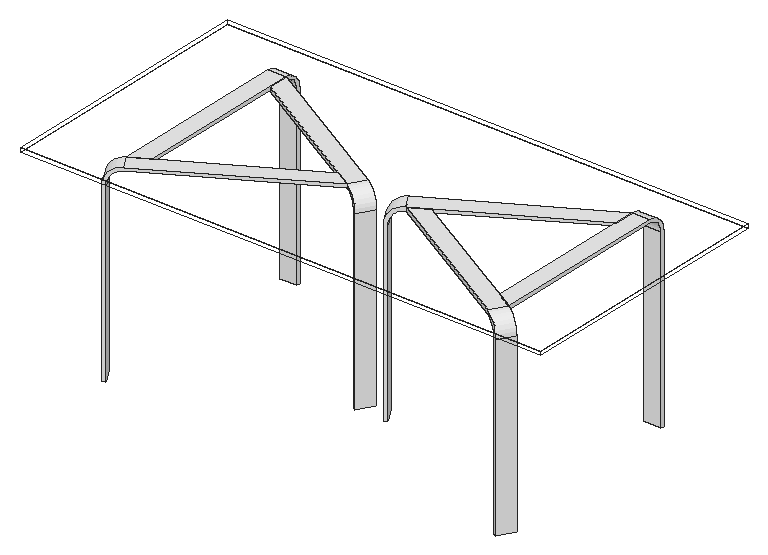
Revit family "Table-Coffee-Teknion-STTST_Spectrum-R2011", category Furniture, Revit 2013
Parameters (values of type "22 3/4" High")
  Width = 5' - 0"  # constant formula
  Warranty = "http://www.teknionstudio.com/pdfs/Teknion%20Studio%20Warranty.pdf"
  URL = "http://www.teknionstudio.com/"
  Surface and Edge Trim Finish [instance] = Glass - Teknion - G - Clear Flat Edge
  Series = "Teknion Studio"
  Salvage or Reuse = yes
  Product Page URL = "http://www.teknionstudio.com/spectrum_tables/#.UkReCD8QP-o"
  Product Line = "Spectrum"
  Product Documentation Link = "http://www.teknionstudio.com/pricing/STTST_ppg.pdf"
  Percentage of Recycled Content = 0
  Part Number = "STTST"
  Model = "STTSTE"
  Manufacturer Phone = "919-464-2920"
  Manufacturer Fax = "919-464-2927"
  Manufacturer Email = "mailto:customersupport@teknionstudio.com"
  Manufacturer Address = "3940 US 70 Business HWY West, Clayton, NC 27520"
  Manufacturer = "Teknion Studio"  # constant formula
  Low Emitting Material = yes
  Low Emitting Finish = yes
  Height = 1' - 10 3/4"
  Frame Finish [instance] = Metal - Teknion - C6 - Chrome
  Description = "Spectrum Rectangle Table, 22 3/4\" (58cm) High Height"
  Depth = 2' - 6"  # constant formula
  Assembly Code = "E2020200"
Types (3): name | URL | Model | Height | Description
  (no name) | "http://www.teknionstudio.com/" | "STTSTE" | 1' - 10 3/4" | "Spectrum Rectangle Table, 22 3/4\" (58cm) High Height"
  17 3/4" High | "www.teknionstudio.com" | "STTSTB" | 1' - 5.75004" | "Spectrum Rectangle Table, 17 3/4\" (45cm) Low Height"
  22 3/4" High | "http://www.teknionstudio.com/" | "STTSTE" | 1' - 10 3/4" | "Spectrum Rectangle Table, 22 3/4\" (58cm) High Height"
Reference planes (in)
  plane 1 "Center F/B": y = 0
  plane 2: z = 0
  plane 3 "Center L/R": x = 0
  plane 4 "Left": x = -30
  plane 5 "Right": x = 30
  plane 6 "Back": y = 15
  plane 7 "Front": y = -15
  plane 8 "Top": z = 22.75
  plane 9: z = 22.25
  plane 10: x = 20
  plane 11: x = -20
Forms (in)
  Extrusion 1, solid, material "Glass - Teknion - G - Clear Flat Edge" <- "Surface and Edge Trim Finish"
    sketch origin (0, 0, 0) x (1, 0, 0) y (0, 1, 0)
      loop
        line (30, 15) -> (-30, 15) -> (-30, -15) -> (30, -15) -> (30, 15)
    from 22.25 to 22.75
Lines and regions (in)
  Masking region 1
    outline origin (0, 0, 22.75) x (-1, 0, 0) y (0, -1, 0)
      loop
        line (30, -15) -> (30, 15) -> (-30, 15) -> (-30, -15) -> (30, -15)
  Masking region 2
    outline origin (0, 0, 0) x (1, 0, 0) y (0, 0, 1)
      loop
        line (-30, 22.75) -> (-30, 22.25) -> (30, 22.25) -> (30, 22.75) -> (-30, 22.75)
  Masking region 3
    outline origin (0, 0, 0) x (0, 1, 0) y (0, 0, 1)
      loop
        line (15, 22.25) -> (15, 22.75) -> (-15, 22.75) -> (-15, 22.25) -> (15, 22.25)
  symbolic lines, style "Hidden Lines", detail levels medium+fine
    curve 1: line (-22, -9.60866, 22.75) -> (-22, 12.76336, 22.75)
    curve 2: line (-22, 12.76336, 22.75) -> (-20, 12.76336, 22.75)
    curve 3: line (-20, 12.76336, 22.75) -> (-20, -8.45396, 22.75)
    curve 4: line (-5.35732, 0, 22.75) -> (-23.73178, -10.6085, 22.75)
    curve 5: line (-23.73178, -10.6085, 22.75) -> (-22.73178, -12.34055, 22.75)
    curve 6: line (-3.35732, -1.1547, 22.75) -> (-22.73178, -12.34055, 22.75)
    curve 7: line (-20, 10.76336, 22.75) -> (-0.62554, -0.42249, 22.75)
    curve 8: line (-0.62554, -0.42249, 22.75) -> (-1.62554, -2.15454, 22.75)
    curve 9: line (-1.62554, -2.15454, 22.75) -> (-20, 8.45396, 22.75)
    curve 10: line (22, -9.60866, 22.75) -> (22, 12.76336, 22.75)
    curve 11: line (22, 12.76336, 22.75) -> (20, 12.76336, 22.75)
    curve 12: line (20, 12.76336, 22.75) -> (20, -8.45396, 22.75)
    curve 13: line (5.35732, 0, 22.75) -> (23.73178, -10.6085, 22.75)
    curve 14: line (23.73178, -10.6085, 22.75) -> (22.73178, -12.34055, 22.75)
    curve 15: line (3.35732, -1.1547, 22.75) -> (22.73178, -12.34055, 22.75)
    curve 16: line (20, 10.76336, 22.75) -> (0.62554, -0.42249, 22.75)
    curve 17: line (0.62554, -0.42249, 22.75) -> (1.62554, -2.15454, 22.75)
    curve 18: line (1.62554, -2.15454, 22.75) -> (20, 8.45396, 22.75)
Dimensions and locks (in)
  "Height": plane 8 "Top" to level
  equal spacing: plane 4 "Left", plane 3 "Center L/R", plane 5 "Right"
  "Width": plane 4 "Left" to plane 5 "Right"
  equal spacing: plane 6 "Back", plane 1 "Center F/B", plane 7 "Front"
  "Depth": plane 6 "Back" to plane 7 "Front"
  locked: plane 8 "Top" to plane 9 at 0.5
  locked: plane 10 to plane 5 "Right" at 10
  locked: plane 4 "Left" to plane 11 at 10
  curve 10 to plane 1 "Center F/B" to curve 11 = 0' - 9.60866" locked, 1' - 0.76336" locked
  locked: plane 10 to curve 10 at 2
  plane 3 "Center L/R" to curve 15 to curve 15 = 0' - 3.35732" locked, 1' - 7.37446" locked
  locked: curve 15 to curve 13 at 2
  locked: curve 16 to curve 18 at 2
  locked: curve 7 to curve 9 at 2
  locked: curve 4 to curve 6 at 2
  locked: curve 1 to plane 11 at 2
  curve 1 to plane 1 "Center F/B" to curve 2 = 0' - 9.60866" locked, 1' - 0.76336" locked
  locked: curve 5 to curve 4 at 21.217
  locked: curve 9 to curve 8 at 21.217
  locked: curve 17 to curve 18 at 21.217
  aligned and locked: level to plane 2
  aligned and locked: Extrusion 1 to plane 9
  aligned and locked: plane 8 "Top" to Extrusion 1
  aligned and locked: Masking region 2 sketch curve to plane 8 "Top"
  aligned and locked: Masking region 2 sketch curve to plane 9
  aligned and locked: Masking region 2 sketch curve to plane 5 "Right"
  aligned and locked: Masking region 2 sketch curve to plane 4 "Left"
  aligned and locked: plane 6 "Back" to Masking region 3 sketch curve
  aligned and locked: plane 7 "Front" to Masking region 3 sketch curve
  aligned and locked: plane 8 "Top" to Masking region 3 sketch curve
  aligned and locked: plane 9 to Masking region 3 sketch curve
  aligned and locked: Masking region 1 sketch curve to plane 6 "Back"
  aligned and locked: Masking region 1 sketch curve to plane 7 "Front"
  aligned and locked: Masking region 1 sketch curve to plane 5 "Right"
  aligned and locked: Masking region 1 sketch curve to plane 4 "Left"
  aligned and locked: Extrusion 1 sketch curve to plane 5 "Right"
  aligned and locked: Extrusion 1 sketch curve to plane 4 "Left"
  aligned and locked: Extrusion 1 sketch curve to plane 6 "Back"
  aligned and locked: Extrusion 1 sketch curve to plane 7 "Front"
  aligned and locked: nested 1 to plane 1 "Center F/B"
  aligned and locked: plane 1 "Center F/B" to nested 2
  aligned and locked: nested 2 to plane 11
  aligned and locked: nested 1 to plane 10
  aligned and locked: curve 3 to plane 11
Automatic sketch dimensions
  plane 1 "Center F/B" to curve 4 = 0' - 0"
  plane 1 "Center F/B" to curve 7 = 0' - 0.42249"
  curve 7 to plane 3 "Center L/R" = 0' - 0.62554"
  curve 11 to plane 10 = 0' - 0"
  plane 1 "Center F/B" to curve 13 = 0' - 0"
  plane 3 "Center L/R" to curve 17 = 0' - 0.62554"
Nested families (in)
  nested 1: "Table-Dining-Teknion-Spectrum_Frame" at (15.11911, 0, 0) x (0, 1, 0) z (0, 0, 1), Frame Finish <- "Frame Finish", Height <- "Height", type "Standard"
    with Height 1' - 10 3/4", Frame Finish Metal - Teknion - C6 - Chrome
  nested 2: "Table-Dining-Teknion-Spectrum_Frame" at (-15.11911, 0, 0) x (0, 1, 0) z (0, 0, 1), Frame Finish <- "Frame Finish", Height <- "Height", type "Standard"
    with Height 1' - 10 3/4", Frame Finish Metal - Teknion - C6 - Chrome
Definition of nested family "Table-Dining-Teknion-Spectrum_Frame"
  Parameters (values of type "Frame")
    Unit Weight = 0.00 lbf
    Salvage or Reuse = yes
    Radio = 1' - 3"
    Product Page URL = ""
    Product Documentation Link = ""
    Percentage of Recycled Content = 0
    Manufacturer Phone = ""
    Manufacturer Fax = ""
    Manufacturer Email = ""
    Manufacturer Address = ""
    Low Emitting Material = yes
    Low Emitting Finish = yes
    Installation Type = ""
    Height [instance] = 1' - 10 3/4"
    Frame Finish [instance] = Metal - Teknion - C6 - Chrome
  Reference planes (in)
    plane 1 "Center F/B": y = 0
    plane 2: z = 0
    plane 3 "Center L/R": x = 0
    plane 4 "Top": z = 22.75
    plane 5 "Right Support": through (-1.1547, 11.76179, 48) normal (-0.866, -0.5, 0)
    plane 6 "Left Support": through (1.1547, 11.76179, 48) normal (-0.866, 0.5, 0)
    plane 7 "Front Support": y = -4.88089
    plane 8: z = 22.25
  Forms (in)
    Sweep 1, solid, material "Metal - Teknion - C6 - Chrome" <- "Frame Finish"
      path origin (0, -4.88089, 0) x (-1, 0, 0) y (0, 0, 1)
        loop
          line (-12.38836, 0) -> (-12.38836, 20.25)
          arc (-12.38836, 20.25) -> (-11.91241, 21.39905) -> (-10.76336, 21.875) r 1.625
          line (-10.76336, 21.875) -> (9.60866, 21.875)
      profile origin (12.38836, -4.88089, 10.125) x (0, 1, 0) y (-1, 0, 0)
        loop
          line (-2, -0.375) -> (0, -0.375) -> (0, 0) -> (-2, 0) -> (-2, -0.375)
    Sweep 2, solid, material "Metal - Teknion - C6 - Chrome" <- "Frame Finish"
      path origin (-4.22698, 2.44045, 0) x (-0.5, -0.866025, 0) y (0, 0, 1)
        loop
          line (12.37928, 0) -> (12.37928, 20.25)
          arc (12.37928, 20.25) -> (11.90333, 21.39905) -> (10.75428, 21.875) r 1.625
          line (10.75428, 21.875) -> (-9.61774, 21.875)
      profile origin (-10.41662, -8.28032, 10.125) x (0.866025, -0.5, 0) y (0.5, 0.866025, 0)
        loop
          line (-2, -0.375) -> (0, -0.375) -> (0, 0) -> (-2, 0) -> (-2, -0.375)
    Sweep 3, solid, material "Metal - Teknion - C6 - Chrome" <- "Frame Finish"
      path origin (4.22698, 2.44045, 0) x (0.5, -0.866025, 0) y (0, 0, 1)
        loop
          line (-12.38836, 0) -> (-12.38836, 20.25)
          arc (-12.38836, 20.25) -> (-11.91241, 21.39905) -> (-10.76336, 21.875) r 1.625
          line (-10.76336, 21.875) -> (9.60866, 21.875)
      profile origin (-1.9672, 13.16908, 10.125) x (-0.866025, -0.5, 0) y (0.5, -0.866025, 0)
        loop
          line (-2, -0.375) -> (0, -0.375) -> (0, 0) -> (-2, 0) -> (-2, -0.375)
    Extrusion 4, void
      sketch origin (0, 0, 0) x (1, 0, 0) y (0, 1, 0)
        loop
          line (-10.60412, -8.60508) -> (-8.10412, -4.27496) -> (-9.83617, -3.27496) -> (-12.33617, -7.60508) -> (-10.60412, -8.60508)
      from 0 to 22.75 <- "Height"
    Extrusion 5, void
      sketch origin (0, 0, 0) x (1, 0, 0) y (0, 1, 0)
        loop
          line (-2.1547, 13.49384) -> (0.3453, 9.16371) -> (2.07735, 10.16371) -> (-0.42265, 14.49384) -> (-2.1547, 13.49384)
      from 0 to 22.25
    Extrusion 6, void
      sketch origin (0, 0, 0) x (1, 0, 0) y (0, 1, 0)
        loop
          line (11.13836, -4.88089) -> (8.13836, -4.88089) -> (8.13836, -6.88089) -> (11.13836, -6.88089) -> (11.13836, -4.88089)
      from 0 to 22.75 <- "Height"
  Cuts and joins
    Extrusion 4 cuts Sweep 1
    Extrusion 5 cuts Sweep 2
    Extrusion 6 cuts Sweep 3
  Lines and regions (in)
    Masking region 1
      outline origin (0, 0, 0) x (1, 0, 0) y (0, 1, 0)
        loop
          line (-1.1547, 11.76179) -> (-12.33617, -7.60508) -> (-10.60412, -8.60508) -> (-9.60866, -6.88089) -> (12.76336, -6.88089) -> (12.76336, -4.88089) -> (10.76336, -4.88089) -> (-0.42265, 14.49384) -> (-2.1547, 13.49384) -> (-1.1547, 11.76179)
        loop
          line (-8.45396, -4.88089) -> (8.45396, -4.88089) -> (0, 9.76179) -> (-8.45396, -4.88089)
    Masking region 2
      outline origin (0, 0, 0) x (1, 0, 0) y (0, 0, 1)
        loop
          line (-12.33617, 20.25) -> (-12.33617, 0) -> (-10.41662, 0) -> (-10.41662, 20.25)
          spline (-10.41662, 20.25) -> (-10.40967, 20.46211) -> (-10.38893, 20.67058) -> (-10.35477, 20.87186) -> (-10.30776, 21.0625) -> (-10.24872, 21.23924) -> (-10.17864, 21.39905) -> (-10.09874, 21.5392) -> (-10.01037, 21.65729) -> (-9.91505, 21.7513) -> (-9.81441, 21.81963) -> (-9.71017, 21.8611) -> (-9.60412, 21.875)
          line (-9.60412, 21.875) -> (-1.73766, 21.875)
          spline (-1.73766, 21.875) -> (-1.79999, 21.77787) -> (-1.85829, 21.67121) -> (-1.9122, 21.55567) -> (-1.96138, 21.43198) -> (-2.00552, 21.30091) -> (-2.04435, 21.16328) -> (-2.07763, 21.01995) -> (-2.10514, 20.87181) -> (-2.12672, 20.71978) -> (-2.14223, 20.56483) -> (-2.15158, 20.40791) -> (-2.1547, 20.25)
          line (-2.1547, 20.25) -> (-2.1547, 0) -> (-0.23515, 0) -> (-0.23515, 20.25)
          spline (-0.23515, 20.25) -> (-0.2282, 20.46211) -> (-0.20746, 20.67058) -> (-0.1733, 20.87186) -> (-0.1263, 21.0625) -> (-0.06725, 21.23924) -> (0.00283, 21.39905) -> (0.08273, 21.5392) -> (0.1711, 21.65729) -> (0.26642, 21.7513) -> (0.36706, 21.81963) -> (0.4713, 21.8611) -> (0.57735, 21.875)
          line (0.57735, 21.875) -> (10.76336, 21.875)
          arc (10.76336, 21.875) -> (11.91241, 21.39905) -> (12.38836, 20.25) r 1.625
          line (12.38836, 20.25) -> (12.38836, 0) -> (12.76336, 0) -> (12.76336, 20.25)
          arc (12.76336, 20.25) -> (12.17757, 21.66421) -> (10.76336, 22.25) r 2
          line (10.76336, 22.25) -> (-11.33617, 22.25)
          spline (-11.33617, 22.25) -> (-11.46669, 22.23289) -> (-11.59499, 22.18185) -> (-11.71885, 22.09776) -> (-11.83617, 21.98205) -> (-11.94493, 21.83671) -> (-12.04328, 21.66421) -> (-12.12952, 21.46752) -> (-12.20219, 21.25) -> (-12.26005, 21.01537) -> (-12.30209, 20.76764) -> (-12.32761, 20.51105) -> (-12.33617, 20.25)
    Masking region 3
      outline origin (0, 0, 0) x (0, 1, 0) y (0, 0, 1)
        loop
          line (12.76179, 22.25) -> (-6.87303, 22.25)
          spline (-6.87303, 22.25) -> (-7.09911, 22.23289) -> (-7.32132, 22.18185) -> (-7.53586, 22.09776) -> (-7.73906, 21.98205) -> (-7.92744, 21.83671) -> (-8.09778, 21.66421) -> (-8.24716, 21.46752) -> (-8.37303, 21.25) -> (-8.47324, 21.01537) -> (-8.54606, 20.76764) -> (-8.59026, 20.51105) -> (-8.60508, 20.25)
          line (-8.60508, 20.25) -> (-8.60508, 0) -> (-7.28032, 0) -> (-7.28032, 20.25)
          spline (-7.28032, 20.25) -> (-7.27741, 20.35454) -> (-7.26868, 20.45864) -> (-7.25416, 20.56188) -> (-7.23392, 20.66383) -> (-7.20805, 20.76406) -> (-7.17665, 20.86216) -> (-7.13984, 20.95773) -> (-7.09779, 21.05036) -> (-7.05066, 21.13968) -> (-6.99866, 21.22532) -> (-6.94199, 21.30691) -> (-6.88089, 21.38413)
          line (-6.88089, 21.38413) -> (-6.88089, 0) -> (-4.88089, 0) -> (-4.88089, 21.875) -> (11.76179, 21.875)
          spline (11.76179, 21.875) -> (11.94548, 21.8611) -> (12.12602, 21.81963) -> (12.30034, 21.7513) -> (12.46543, 21.65729) -> (12.61849, 21.5392) -> (12.75689, 21.39905) -> (12.87827, 21.23924) -> (12.98054, 21.0625) -> (13.06196, 20.87186) -> (13.12113, 20.67058) -> (13.15704, 20.46211) -> (13.16908, 20.25)
          line (13.16908, 20.25) -> (13.16908, 0) -> (14.49384, 0) -> (14.49384, 20.25)
          spline (14.49384, 20.25) -> (14.47902, 20.51105) -> (14.43482, 20.76764) -> (14.36199, 21.01537) -> (14.26179, 21.25) -> (14.13592, 21.46752) -> (13.98653, 21.66421) -> (13.81619, 21.83671) -> (13.62781, 21.98205) -> (13.42462, 22.09776) -> (13.21008, 22.18185) -> (12.98787, 22.23289) -> (12.76179, 22.25)
    symbolic lines
      curve 1: line (-1.1547, 11.76179, 0) -> (0, 9.76179, 0)
      curve 2: line (-9.60412, -6.87303, 0) -> (-8.45396, -4.88089, 0)
      curve 3: line (8.45396, -4.88089, 0) -> (10.76336, -4.88089, 0)
      curve 13: line (0, -5.87303, 21.875) -> (0, -4.88089, 21.875)
      curve 14: spline (0, -5.87303, 21.875) -> (0, -6.05672, 21.8611) -> (0, -6.23727, 21.81963) -> (0, -6.41158, 21.7513) -> (0, -6.57668, 21.65729) -> (0, -6.72974, 21.5392) -> (0, -6.86814, 21.39905) -> (0, -6.98951, 21.23924) -> (0, -7.09178, 21.0625) -> (0, -7.1732, 20.87186) -> (0, -7.23237, 20.67058) -> (0, -7.26828, 20.46211) -> (0, -7.28032, 20.25)
      curve 19: spline (-1.1547, 0, 22.25) -> (-1.28523, 0, 22.23289) -> (-1.41352, 0, 22.18185) -> (-1.53738, 0, 22.09776) -> (-1.6547, 0, 21.98205) -> (-1.76346, 0, 21.83671) -> (-1.86181, 0, 21.66421) -> (-1.94805, 0, 21.46752) -> (-2.02073, 0, 21.25) -> (-2.07858, 0, 21.01537) -> (-2.12063, 0, 20.76764) -> (-2.14615, 0, 20.51105) -> (-2.1547, 0, 20.25)
    symbolic lines, style "Hidden Lines", detail levels fine
      curve 4: line (-12.14867, -7.28032, 0) -> (-10.41662, -8.28032, 0)
      curve 5: line (-1.9672, 13.16908, 0) -> (-0.23515, 14.16908, 0)
      curve 6: line (12.38836, -4.88089, 0) -> (12.38836, -6.88089, 0)
    symbolic lines, style "Furniture", detail levels medium+fine
      curve 7: spline (-9.60412, 0, 22.25) -> (-9.73464, 0, 22.23289) -> (-9.86294, 0, 22.18185) -> (-9.9868, 0, 22.09776) -> (-10.10412, 0, 21.98205) -> (-10.21288, 0, 21.83671) -> (-10.31122, 0, 21.66421) -> (-10.39747, 0, 21.46752) -> (-10.47014, 0, 21.25) -> (-10.528, 0, 21.01537) -> (-10.57004, 0, 20.76764) -> (-10.59556, 0, 20.51105) -> (-10.60412, 0, 20.25)
      curve 8: line (-10.60412, 0, 20.25) -> (-10.60412, 0, 0)
      curve 9: spline (-0.42265, 0, 20.25) -> (-0.41409, 0, 20.51105) -> (-0.38858, 0, 20.76764) -> (-0.34653, 0, 21.01537) -> (-0.28868, 0, 21.25) -> (-0.216, 0, 21.46752) -> (-0.12976, 0, 21.66421) -> (-0.03141, 0, 21.83671) -> (0.07735, 0, 21.98205) -> (0.19467, 0, 22.09776) -> (0.31853, 0, 22.18185) -> (0.44682, 0, 22.23289) -> (0.57735, 0, 22.25)
      curve 10: line (-0.42265, 0, 20.25) -> (-0.42265, 0, 0)
      curve 11: line (10.76336, 0, 22.25) -> (10.76336, 0, 21.875)
      curve 12: line (8.45396, 0, 21.875) -> (8.45396, 0, 22.25)
    symbolic lines, detail levels medium+fine
      curve 15: spline (0, 11.76179, 22.25) -> (0, 11.98787, 22.23289) -> (0, 12.21008, 22.18185) -> (0, 12.42462, 22.09776) -> (0, 12.62781, 21.98205) -> (0, 12.81619, 21.83671) -> (0, 12.98653, 21.66421) -> (0, 13.13592, 21.46752) -> (0, 13.26179, 21.25) -> (0, 13.36199, 21.01537) -> (0, 13.43482, 20.76764) -> (0, 13.47902, 20.51105) -> (0, 13.49384, 20.25)
      curve 16: line (0, 13.49384, 20.25) -> (0, 13.49384, 0)
      curve 17: spline (0, -7.60508, 20.25) -> (0, -7.59026, 20.51105) -> (0, -7.54606, 20.76764) -> (0, -7.47324, 21.01537) -> (0, -7.37303, 21.25) -> (0, -7.24716, 21.46752) -> (0, -7.09778, 21.66421) -> (0, -6.92744, 21.83671) -> (0, -6.73906, 21.98205) -> (0, -6.53586, 22.09776) -> (0, -6.32132, 22.18185) -> (0, -6.09911, 22.23289) -> (0, -5.87303, 22.25)
      curve 18: line (0, -7.60508, 20.25) -> (0, -7.60508, 0)
  Dimensions and locks (in)
    "Height": plane 4 "Top" to level
    locked: plane 7 "Front Support" to Sweep 1 sketch curve at 2
    locked: Sweep 1 sketch curve to Sweep 1 sketch curve at 0.375
    locked: plane 3 "Center L/R" to Sweep 1 sketch curve at 12.38836
    locked: plane 4 "Top" to Sweep 1 sketch curve at 0.875
    locked: plane 4 "Top" to Sweep 2 sketch curve at 0.875
    locked: plane 6 "Left Support" to Sweep 2 sketch curve at 2
    locked: Sweep 2 sketch curve to Sweep 2 sketch curve at 0.375
    locked: Sweep 2 sketch curve to Sweep 2 sketch curve at 21.99701
    locked: Sweep 3 sketch curve to Sweep 3 sketch curve at 0.375
    locked: Sweep 3 sketch curve to Sweep 3 sketch curve at 21.99701
    locked: plane 4 "Top" to Sweep 3 sketch curve at 0.875
    locked: plane 5 "Right Support" to Sweep 3 sketch curve at 2
    locked: plane 4 "Top" to plane 8 at 0.5
    locked: plane 7 "Front Support" to Extrusion 6 sketch curve at 2
    plane 3 "Center L/R" to Extrusion 6 sketch curve to Extrusion 6 sketch curve = 0' - 8.13836" locked, 0' - 3" locked
    locked: plane 5 "Right Support" to Extrusion 5 sketch curve at 2
    locked: Extrusion 5 sketch curve to Extrusion 5 sketch curve at 5
    locked: Extrusion 4 sketch curve to Extrusion 4 sketch curve at 5
    locked: plane 6 "Left Support" to Extrusion 4 sketch curve at 2
    locked: plane 6 "Left Support" to plane 3 "Center L/R" (angle 30.00°)
    locked: plane 3 "Center L/R" to plane 5 "Right Support" (angle 30.00°)
    aligned and locked: level to plane 2
    aligned and locked: plane 2 to Sweep 2 sketch curve
    aligned and locked: plane 2 to Sweep 3 sketch curve
    aligned and locked: Extrusion 5 sketch curve to cut or joined group of Sweep 3, Extrusion 6  (x2)
    aligned and locked: Extrusion 5 sketch curve to plane 5 "Right Support"
    aligned and locked: Extrusion 4 sketch curve to cut or joined group of Sweep 2, Extrusion 5
    aligned and locked: plane 6 "Left Support" to Extrusion 4 sketch curve
    aligned and locked: Masking region 1 sketch curve to cut or joined group of Sweep 2, Extrusion 5  (x3)
    aligned and locked: Masking region 1 sketch curve to cut or joined group of Sweep 3, Extrusion 6  (x3)
    aligned and locked: Masking region 1 sketch curve to cut or joined group of Sweep 1, Extrusion 4  (x3)
    aligned and locked: Masking region 2 sketch curve to cut or joined group of Sweep 2, Extrusion 5  (x2)
    aligned and locked: Masking region 2 sketch curve to plane 2
    aligned and locked: Masking region 2 sketch curve to cut or joined group of Sweep 3, Extrusion 6  (x2)
    aligned and locked: Masking region 2 sketch curve to cut or joined group of Sweep 1, Extrusion 4  (x3)
    aligned and locked: Masking region 2 sketch curve to plane 8
    aligned and locked: cut or joined group of Sweep 1, Extrusion 4 to Masking region 2 sketch curve
    aligned and locked: curve 8 to cut or joined group of Sweep 2, Extrusion 5
    aligned and locked: curve 10 to cut or joined group of Sweep 3, Extrusion 6
    aligned and locked: curve 11 to cut or joined group of Sweep 3, Extrusion 6
    aligned and locked: curve 12 to cut or joined group of Sweep 3, Extrusion 6
    aligned and locked: plane 8 to Masking region 3 sketch curve
    aligned and locked: plane 2 to Masking region 3 sketch curve
    aligned and locked: Masking region 3 sketch curve to cut or joined group of Sweep 3, Extrusion 6  (x2)
    aligned and locked: cut or joined group of Sweep 2, Extrusion 5 to Masking region 3 sketch curve
    aligned and locked: Masking region 3 sketch curve to cut or joined group of Sweep 2, Extrusion 5  (x2)
    aligned and locked: cut or joined group of Sweep 1, Extrusion 4 to Masking region 3 sketch curve
    aligned and locked: plane 7 "Front Support" to Masking region 3 sketch curve
    aligned and locked: cut or joined group of Sweep 2, Extrusion 5 to curve 13
    aligned and locked: curve 16 to cut or joined group of Sweep 3, Extrusion 6
    aligned and locked: curve 18 to cut or joined group of Sweep 2, Extrusion 5
  Automatic sketch dimensions
    Sweep 1 sketch curve to level = 0' - 0"
    Sweep 1 sketch curve to Sweep 1 sketch curve = 0' - 1 5/8"
    Sweep 1 sketch curve to profile plane = 0' - 0"  (x2)
    Sweep 2 sketch curve to Sweep 2 sketch curve = 0' - 1 5/8"
    profile plane to Sweep 2 sketch curve = 0' - 0"  (x2)
    Sweep 3 sketch curve to profile plane = 0' - 0"
    profile plane to Sweep 3 sketch curve = 0' - 0"
    Sweep 3 sketch curve to Sweep 3 sketch curve = 0' - 1 5/8"
    Extrusion 6 sketch curve to plane 7 "Front Support" = 0' - 0"
    Sweep 1 sketch curve to plane 3 "Center L/R" = 0' - 9.60866"
    plane 5 "Right Support" to Masking region 1 sketch curve = 0' - 0"  (x2)
    plane 6 "Left Support" to Masking region 1 sketch curve = 0' - 0"
    Masking region 1 sketch curve to plane 3 "Center L/R" = 0' - 0"
    Masking region 1 sketch curve to plane 7 "Front Support" = 0' - 0"
    plane 6 "Left Support" to curve 4 = 0' - 0"
    plane 6 "Left Support" to curve 2 = 0' - 0"  (x2)
    curve 2 to plane 7 "Front Support" = 0' - 0"
    plane 5 "Right Support" to curve 5 = 0' - 0"
    plane 5 "Right Support" to curve 1 = 0' - 0"  (x2)
    curve 1 to plane 3 "Center L/R" = 0' - 0"
    plane 5 "Right Support" to curve 3 = 0' - 0"
    curve 3 to plane 7 "Front Support" = 0' - 0"
    curve 6 to plane 7 "Front Support" = 0' - 0"
    curve 2 to plane 7 "Front Support" = 0' - 1.99214"
    curve 4 to plane 7 "Front Support" = 0' - 3.39943"
    curve 4 to plane 7 "Front Support" = 0' - 2.39943"
    curve 4 to curve 4 = 0' - 1.73205"
    curve 5 to plane 3 "Center L/R" = 0' - 1.9672"
    curve 1 to plane 3 "Center L/R" = 0' - 1.1547"
    curve 5 to plane 3 "Center L/R" = 0' - 0.23515"
    curve 3 to curve 3 = 0' - 2.3094"
    curve 3 to curve 6 = 0' - 1 5/8"
    curve 6 to plane 7 "Front Support" = 0' - 2"
    curve 5 to curve 5 = 0' - 1"
    Masking region 2 sketch curve to Masking region 2 sketch curve = 0' - 1"
    Masking region 2 sketch curve to plane 8 = 0' - 2"
    Masking region 2 sketch curve to plane 8 = 0' - 0 3/8"
    Masking region 2 sketch curve to Masking region 2 sketch curve = 0' - 1.73205"
    Masking region 2 sketch curve to Masking region 2 sketch curve = 0' - 0"  (x3)
    Masking region 2 sketch curve to plane 3 "Center L/R" = 0' - 1.73766"
    plane 3 "Center L/R" to Masking region 2 sketch curve = 0' - 0.57735"
    Masking region 2 sketch curve to plane 3 "Center L/R" = 0' - 1.1547"
    Masking region 2 sketch curve to Masking region 2 sketch curve = 0' - 0 3/8"
    Masking region 2 sketch curve to level = 0' - 0"  (x2)
    curve 7 to plane 8 = 0' - 0"
    curve 8 to level = 0' - 0"
    curve 8 to curve 7 = 0' - 1"
    curve 8 to plane 8 = 0' - 2"
    curve 9 to plane 8 = 0' - 0"
    curve 10 to level = 0' - 0"
    plane 3 "Center L/R" to curve 9 = 0' - 0.57735"
    curve 9 to plane 8 = 0' - 4"
    curve 11 to plane 8 = 0' - 0"
    curve 11 to plane 8 = 0' - 0 3/8"
    curve 12 to plane 8 = 0' - 0"
    curve 12 to plane 8 = 0' - 0 3/8"
    Masking region 3 sketch curve to Masking region 3 sketch curve = 0' - 1.40729"
    Masking region 3 sketch curve to Masking region 3 sketch curve = 0' - 1 5/8"  (x2)
    Masking region 3 sketch curve to Masking region 3 sketch curve = 0' - 2.75913"
    Masking region 3 sketch curve to Masking region 3 sketch curve = 0' - 1.99214"
    Masking region 3 sketch curve to Masking region 3 sketch curve = 0' - 0 3/8"
    Masking region 3 sketch curve to level = 0' - 0"  (x2)
    Masking region 3 sketch curve to plane 7 "Front Support" = 0' - 0.99214"
    Masking region 3 sketch curve to Masking region 3 sketch curve = 0' - 3 5/8"
    Masking region 3 sketch curve to Masking region 3 sketch curve = 0' - 1"
    curve 13 to plane 7 "Front Support" = 0' - 0"
    curve 14 to plane 7 "Front Support" = 0' - 0.99214"
    curve 14 to curve 14 = 0' - 1.40729"
    curve 14 to curve 14 = 0' - 1 5/8"
    curve 15 to plane 8 = 0' - 0"
    curve 16 to level = 0' - 0"
    curve 15 to curve 16 = 0' - 1.73205"
    curve 15 to plane 8 = 0' - 4"
    curve 17 to plane 8 = 0' - 0"
    curve 18 to level = 0' - 0"
    curve 17 to curve 13 = 0' - 0"
    curve 17 to curve 14 = 0' - 0 3/8"
    curve 19 to plane 8 = 0' - 0"
    curve 19 to curve 9 = 0' - 1.73205"
    curve 19 to plane 3 "Center L/R" = 0' - 1.1547"
    curve 19 to curve 9 = 0' - 0"
